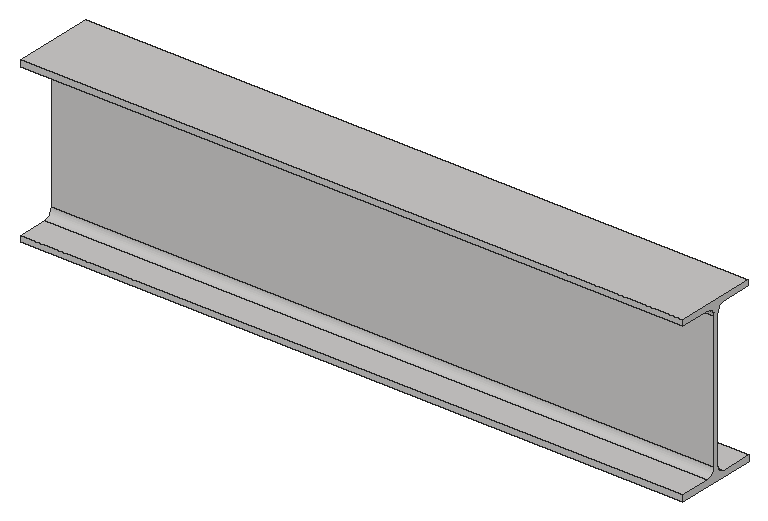
Revit family "NLRS_28_SFR_IPE", category Structural Framing, Revit 2020
Family settings
  Structural Framing Length Roundoff = 0 mm
  Section Shape = I-shape Parallel Flange
  Material for Model Behavior = Steel
  Always export as geometry = No
  Code Name = EURONORM 19-57; DIN 1025-5
  Always vertical = Yes
  Cut with Voids When Loaded = No
  Symbolic Representation = From Project Settings
  Shared = No
  Show family pre-cut in plan views = Yes
Parameters (values of type "IPE300")
  Width = 150 mm
  Web Thickness = 7.1 mm
  Web Fillet = 15 mm
  Warping Constant = (empty or 0)
  Type Comments = ""
  Torsional Moment of Inertia = 0 cm⁴
  Structural Material [instance] = h3_Structural Steel - S235
  Section Name Key = "IPE300"
  Section Area = 53.8 cm²
  Plastic Modulus weak axis = 125 cm³
  Plastic Modulus strong axis = 628 cm³
  Perimeter = 3.8058 (stored number, unit not read)
  Nominal Weight = 413.84 N/m
  Moment of Inertia weak axis = 604 cm⁴
  Moment of Inertia strong axis = 8360 cm⁴
  Height = 300 mm
  Flange Thickness = 10.7 mm
  Elastic Modulus weak axis = 80.5 cm³
  Elastic Modulus strong axis = 557 cm³
  Centroid Vertical = Height / 2  # 150 mm
  Centroid Horizontal = Width / 2  # 75 mm
  Bolt Spacing = 88 mm
  Assembly Code = "2B(28.10)"
  Length [instance] = 1500 mm
Types (18, lengths in mm): name | Width | Web Thickness | Web Fillet | Section Name Key | Section Area | Plastic Modulus weak axis | Plastic Modulus strong axis | Perimeter | Nominal Weight | Moment of Inertia weak axis | Moment of Inertia strong axis | Height | Flange Thickness | Elastic Modulus weak axis | Elastic Modulus strong axis | Centroid Vertical | Centroid Horizontal | Bolt Spacing
  IPE300 | 150 | 7.1 | 15 | "IPE300" | 53.8 cm² | 125 cm³ | 628 cm³ | 3.8058 (stored number, unit not read) | 413.84 N/m | 604 cm⁴ | 8360 cm⁴ | 300 | 10.7 | 80.5 cm³ | 557 cm³ | 150 | 75 | 88
  IPE600 | 220 | 12 | 24 | "IPE600" | 156.0 cm² | 486 cm³ | 3512 cm³ | 6.5945 (stored number, unit not read) | 1196.4 N/m | 3390 cm⁴ | 92080 cm⁴ | 600 | 19 | 308 cm³ | 3070 cm³ | 300 | 110 | 130
  IPE550 | 210 | 11.1 | 24 | "IPE550" | 134.0 cm² | 401 cm³ | 2787 cm³ | 6.168 (stored number, unit not read) | 1039.5 N/m | 2670 cm⁴ | 67120 cm⁴ | 550 | 17.2 | 254 cm³ | 2440 cm³ | 275 | 105 | 129
  IPE500 | 200 | 10.2 | 21 | "IPE500" | 116.0 cm² | 336 cm³ | 2194 cm³ | 5.7087 (stored number, unit not read) | 889.46 N/m | 2140 cm⁴ | 48200 cm⁴ | 500 | 16 | 214 cm³ | 1930 cm³ | 250 | 100 | 122
  IPE450 | 190 | 9.4 | 21 | "IPE450" | 98.8 cm² | 276 cm³ | 1702 cm³ | 5.2822 (stored number, unit not read) | 760.99 N/m | 1680 cm⁴ | 33740 cm⁴ | 450 | 14.6 | 176 cm³ | 1500 cm³ | 225 | 95 | 121
  IPE400 | 180 | 8.6 | 21 | "IPE400" | 84.5 cm² | 229 cm³ | 1307 cm³ | 4.8228 (stored number, unit not read) | 650.18 N/m | 1320 cm⁴ | 23130 cm⁴ | 400 | 13.5 | 146 cm³ | 1160 cm³ | 200 | 90 | 114
  IPE360 | 170 | 8 | 18 | "IPE360" | 72.7 cm² | 191 cm³ | 1019 cm³ | 4.4291 (stored number, unit not read) | 559.96 N/m | 1040 cm⁴ | 16270 cm⁴ | 360 | 12.7 | 123 cm³ | 904 cm³ | 180 | 85 | 107
  IPE330 | 160 | 7.5 | 18 | "IPE330" | 62.6 cm² | 154 cm³ | 804 cm³ | 4.101 (stored number, unit not read) | 481.5 N/m | 788 cm⁴ | 11770 cm⁴ | 330 | 11.5 | 98.5 cm³ | 713 cm³ | 165 | 80 | 95
  IPE270 | 135 | 6.6 | 15 | "IPE270" | 45.9 cm² | 97 cm³ | 484 cm³ | 3.4121 (stored number, unit not read) | 354.02 N/m | 420 cm⁴ | 5790 cm⁴ | 270 | 10.2 | 62.2 cm³ | 429 cm³ | 135 | 67.5 | 82
  IPE240 | 120 | 6.2 | 15 | "IPE240" | 39.1 cm² | 73.9 cm³ | 367 cm³ | 3.0249 (stored number, unit not read) | 301.06 N/m | 284 cm⁴ | 3890 cm⁴ | 240 | 9.8 | 47.3 cm³ | 324 cm³ | 120 | 60 | 73
  IPE220 | 110 | 5.9 | 12 | "IPE220" | 33.4 cm² | 58.1 cm³ | 285 cm³ | 2.7822 (stored number, unit not read) | 256.93 N/m | 205 cm⁴ | 2770 cm⁴ | 220 | 9.2 | 37.3 cm³ | 252 cm³ | 110 | 55 | 67
  IPE200 | 100 | 5.6 | 12 | "IPE200" | 28.5 cm² | 44.6 cm³ | 221 cm³ | 2.5197 (stored number, unit not read) | 219.67 N/m | 142 cm⁴ | 1940 cm⁴ | 200 | 8.5 | 28.5 cm³ | 194 cm³ | 100 | 50 | 67
  IPE180 | 91 | 5.3 | 9 | "IPE180" | 23.9 cm² | 34.6 cm³ | 166 cm³ | 2.29 (stored number, unit not read) | 184.36 N/m | 101 cm⁴ | 1320 cm⁴ | 180 | 8 | 22.2 cm³ | 146 cm³ | 90 | 45.5 | 0
  IPE160 | 82 | 5 | 9 | "IPE160" | 20.1 cm² | 26.1 cm³ | 124 cm³ | 2.044 (stored number, unit not read) | 154.94 N/m | 68.3 cm⁴ | 869 cm⁴ | 160 | 7.4 | 16.7 cm³ | 109 cm³ | 80 | 41 | 0
  IPE140 | 73 | 4.7 | 7 | "IPE140" | 16.4 cm² | 19.3 cm³ | 88.3 cm³ | 1.8077 (stored number, unit not read) | 126.51 N/m | 44.9 cm⁴ | 541 cm⁴ | 140 | 6.9 | 12.3 cm³ | 77.3 cm³ | 70 | 36.5 | 0
  IPE120 | 64 | 4.4 | 7 | "IPE120" | 13.2 cm² | 13.6 cm³ | 60.7 cm³ | 1.5584 (stored number, unit not read) | 101.99 N/m | 27.7 cm⁴ | 318 cm⁴ | 120 | 6.3 | 8.65 cm³ | 53 cm³ | 60 | 32 | 0
  IPE100 | 55 | 4.1 | 7 | "IPE100" | 10.3 cm² | 9.2 cm³ | 39.4 cm³ | 1.3123 (stored number, unit not read) | 79.434 N/m | 15.9 cm⁴ | 171 cm⁴ | 100 | 5.7 | 5.79 cm³ | 34.2 cm³ | 50 | 27.5 | 0
  IPE80 | 46 | 3.8 | 5 | "IPE80" | 7.64 cm² | 5.8 cm³ | 23.2 cm³ | 1.0761 (stored number, unit not read) | 58.84 N/m | 8.49 cm⁴ | 80.1 cm⁴ | 80 | 5.2 | 3.69 cm³ | 20 cm³ | 40 | 23 | 0
Reference planes
  plane 1 "Center (Front/Back)": y = 0
  plane 2: z = 0
  plane 3 "Center (Left/Right)": x = 4.61
  plane 4 "Member Left": x = -604.99
  plane 5 "Member Right": x = 614.21
  plane 6: y = 75
  plane 7: y = -75
  plane 8 "Top": z = 150
  plane 9: z = -150
  plane 10 "Right": x = 766.61
  plane 11 "Left": x = -733.39
  plane 12: z = 139.3
  plane 13: y = 3.55
  plane 14: y = -3.55
Forms (mm)
  Sweep 1, solid, material "h3_Structural Steel - S235" <- "Structural Material", detail levels fine
    path origin (0, 0, 0) x (1, 0, 0) y (0, 1, 0)
      loop
        line (614.21, 0) -> (-604.99, 0)
    profile "M_W-Wide Flange-Profile-Fine : M_W-Wide Flange-Profile-Fine" origin (4.61, 0, 0) x (0, -1, 0) y (0, 0, 1)
      loop
        line (-75, -150) -> (75, -150) -> (75, -139.3) -> (18.55, -139.3)
        arc (18.55, -139.3) -> (7.943, -134.907) -> (3.55, -124.3) r 15
        line (3.55, -124.3) -> (3.55, 124.3)
        arc (3.55, 124.3) -> (7.943, 134.907) -> (18.55, 139.3) r 15
        line (18.55, 139.3) -> (75, 139.3) -> (75, 150) -> (-75, 150) -> (-75, 139.3) -> (-18.55, 139.3)
        arc (-18.55, 139.3) -> (-7.943, 134.907) -> (-3.55, 124.3) r 15
        line (-3.55, 124.3) -> (-3.55, -124.3)
        arc (-3.55, -124.3) -> (-7.943, -134.907) -> (-18.55, -139.3) r 15
        line (-18.55, -139.3) -> (-75, -139.3) -> (-75, -150)
  Sweep 2, solid, material "h3_Structural Steel - S235" <- "Structural Material", detail levels medium
    path origin (0, 0, 0) x (1, 0, 0) y (0, 1, 0)
      loop
        line (614.21, 0) -> (-604.99, 0)
    profile "M_W-Wide Flange-Profile-Medium : M_W-Wide Flange-Profile-Medium" origin (4.61, 0, 0) x (0, -1, 0) y (0, 0, 1)
      loop
        line (-75, -150) -> (75, -150) -> (75, -139.3) -> (3.55, -139.3) -> (3.55, 139.3) -> (75, 139.3) -> (75, 150) -> (-75, 150) -> (-75, 139.3) -> (-3.55, 139.3) -> (-3.55, -139.3) -> (-75, -139.3) -> (-75, -150)
Lines and regions (mm)
  symbolic lines, style "Hidden Faces", detail levels medium+fine
    curve 1: line (614.21, -3.55, 0) -> (-604.99, -3.55, 0)
    curve 2: line (614.21, 3.55, 0) -> (-604.99, 3.55, 0)
  symbolic lines, style "Stick Symbols", detail levels coarse
    curve 3: line (4.61, 75, 150) -> (4.61, -75, 150)
    curve 4: line (4.61, -75, -150) -> (4.61, 75, -150)
    curve 5: line (4.61, 0, -150) -> (4.61, 0, 150)
  model lines, style "28_hartlijn_staal"
    curve 6: line (-604.99, 0, 150) -> (614.21, 0, 150)
Dimensions and locks
  "Width": plane 6 to plane 7
  "Height": plane 9 to plane 8 "Top"
  equal spacing: plane 9, plane 2, plane 8 "Top"
  equal spacing: plane 6, plane 1 "Center (Front/Back)", plane 7
  "Length": plane 11 "Left" to plane 10 "Right"
  "Flange Thickness": plane 8 "Top" to plane 12
  equal spacing: plane 13, plane 1 "Center (Front/Back)", plane 14
  "Web Thickness": plane 13 to plane 14
  aligned and locked: Sweep 1 sketch curve to plane 1 "Center (Front/Back)"
  aligned and locked: Sweep 2 sketch curve to plane 1 "Center (Front/Back)"
  aligned and locked: Sweep 2 to curve 3
  aligned and locked: Sweep 2 to curve 4
  aligned and locked: curve 2 to plane 13
  aligned and locked: curve 1 to plane 14
  aligned and locked: plane 6 to curve 3
  aligned and locked: plane 7 to curve 3
  aligned and locked: plane 1 "Center (Front/Back)" to curve 5
  aligned and locked: plane 6 to curve 4
  aligned and locked: plane 7 to curve 4
  aligned and locked: plane 9 to curve 5
  aligned and locked: plane 8 "Top" to curve 5
  aligned and locked: plane 4 "Member Left" to Sweep 1 sketch curve
  aligned and locked: plane 5 "Member Right" to Sweep 1 sketch curve
  aligned and locked: plane 4 "Member Left" to Sweep 2 sketch curve
  aligned and locked: plane 5 "Member Right" to Sweep 2 sketch curve
  aligned and locked: plane 4 "Member Left" to curve 1
  aligned and locked: plane 5 "Member Right" to curve 1
  aligned and locked: plane 4 "Member Left" to curve 2
  aligned and locked: plane 5 "Member Right" to curve 2
  aligned and locked: Sweep 1 to plane 8 "Top"
  aligned and locked: Sweep 1 to plane 7  (x2)
  aligned and locked: plane 6 to Sweep 1  (x2)
  aligned and locked: Sweep 1 to plane 12  (x2)
  aligned and locked: Sweep 1 to plane 13
  aligned and locked: plane 14 to Sweep 1
  aligned and locked: plane 9 to Sweep 1
  aligned and locked: Sweep 2 to plane 12  (x4)
  aligned and locked: plane 6 to Sweep 2
  aligned and locked: Sweep 2 to plane 7
  aligned and locked: plane 4 "Member Left" to curve 6
  aligned and locked: plane 5 "Member Right" to curve 6
  aligned and locked: plane 1 "Center (Front/Back)" to curve 6
